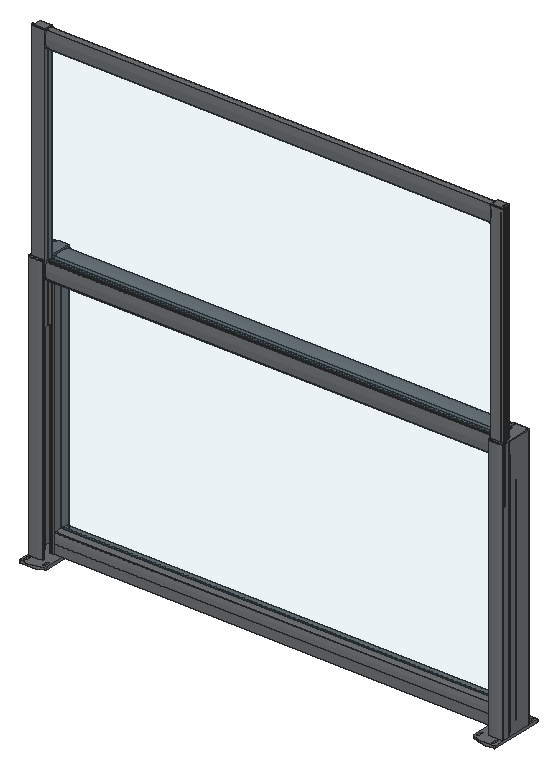
Revit family "Verano_V745_Luderitz_GM_R21", category Generic Models, Revit 2021
Family settings
  Can host rebar = No
  Round Connector Dimension = Use Diameter
  Part Type = Normal
  Work Plane-Based = No
  Always vertical = Yes
  Cut with Voids When Loaded = No
  Shared = No
  Room Calculation Point = No
Parameters (values of type "Glass Slide Out")
  Width Input (1000 - 3000mm) [instance] = 2000 mm
  Width [instance] = Owerall Width Constraint  # 2000 mm
  Warning - Width [instance] = if(or([Width Input (1000 - 3000mm)] < Minimal Width, [Width Input (1000 - 3000mm)] > Maximal Width), 1 = 1, 1 = 0)  # no
  Warning - Height [instance] = if(or([Height Input (1000 - 2500mm)] < Minimal Height, [Height Input (1000 - 2500mm)] > Maximal Height), 1 = 1, 1 = 0)  # no
  URL = "https://verano.nl/en/catalog/windscreens-fences"
  Sliding Frame Bottom [instance] = if(Opening Percentage Constraint = 0, 10 mm, (A - C) * Opening Percentage Constraint / 100 + 10 mm)  # 883 mm
  Opening Percentage Constraint [instance] = if(Opening Percentage < 0, 0, if(Opening Percentage > 100, 100, Opening Percentage))  # 100
  Opening Percentage [instance] = 100
  Top Profile_Fix_Length [instance] = Owerall Width Constraint - 2 * 61 mm  # 1878 mm
  Top Profile_Fix_Height [instance] = A - 61 mm + 10 mm  # 1076 mm
  Sliding Frame Height [instance] = D - A + C  # 1127 mm
  Minimal Height = 1500 mm  # constant formula
  Maximal Height = 2500 mm  # constant formula
  Owerall Width Constraint [instance] = if([Width Input (1000 - 3000mm)] < Minimal Width, Minimal Width, if([Width Input (1000 - 3000mm)] > Maximal Width, Maximal Width, [Width Input (1000 - 3000mm)]))  # 2000 mm
  Model = "V745 Luderitz"
  Minimal Width = 1000 mm  # constant formula
  Maximal Width = 3000 mm  # constant formula
  Manufacturer = "Verano Systems"
  Height Input (1000 - 2500mm) [instance] = 2000 mm
  Height [instance] = D  # 2000 mm
  Glass_Slide_Out = yes
  Glass_Slide_In = no
  Glass Material = Glass
  Frame Material = V_Antracite
  Foot_Straight_Right [instance] = yes
  Foot_Straight_Left [instance] = yes
  Foot_Corner_Right [instance] = not(Foot_Straight_Right)  # no
  Foot_Corner_Left [instance] = not(Foot_Straight_Left)  # no
  Fixed Glass Width [instance] = Owerall Width Constraint - 2 * 55 mm  # 1890 mm
  Fixed Glass Top Offset = 67 mm  # constant formula
  Fixed Glass Height [instance] = A - 65 mm  # 1062 mm
  Fixed Glass Bottom Offset = 77.5 mm  # constant formula
  Description = "Movable part elektrical operated"
  Default Elevation = 0 mm
  D min [instance] = 1500 mm  # constant formula
  D max [instance] = 2500 mm  # constant formula
  D [instance] = if([Height Input (1000 - 2500mm)] < D min, D min, if([Height Input (1000 - 2500mm)] > D max, D max, [Height Input (1000 - 2500mm)]))  # 2000 mm
  C [instance] = 254 mm  # constant formula
  Bottom Profile_Fix_Length [instance] = Owerall Width Constraint - 2 * 61 mm  # 1878 mm
  A min [instance] = D min / 2 - 127 mm  # 623 mm
  A max [instance] = D max / 2 - 127 mm  # 1123 mm
  A [instance] = if(D < D min, D min / 2 + 127 mm, if(D > D max, D max / 2 + 127 mm, D / 2 + 127 mm))  # 1127 mm
Reference planes
  plane 1 "Center (Front/Back)": y = 0
  plane 2: z = 0
  plane 3 "Center (Left/Right)": x = 0
  plane 4: x = -1000
  plane 5: x = 1000
  plane 6: x = -945
  plane 7: x = 945
  plane 8: y = -25.925
  plane 9: y = 25.925
  plane 10: y = -21.525
  plane 11: y = -30.325
  plane 12: z = 77.5
  plane 13: z = 2500
  plane 14: y = 40.47
  plane 15: y = -40.47
  plane 16: z = 10
Forms (mm)
  Extrusion 1, solid, material "Glass" <- "Glass Material", visible <- "Glass_Slide_In"
    sketch origin (0, 0, 0) x (1, 0, 0) y (0, 1, 0)
      loop
        line (-945, -21.525) -> (-945, -30.325) -> (945, -30.325) -> (945, -21.525) -> (-945, -21.525)
    from 77.5 to 1062 <- "Fixed Glass Height"
  Extrusion 2, solid, material "Glass" <- "Glass Material", visible <- "Glass_Slide_Out"
    sketch origin (0, 0, 0) x (1, 0, 0) y (0, 1, 0)
      loop
        line (-945, 21.525) -> (945, 21.525) -> (945, 30.325) -> (-945, 30.325) -> (-945, 21.525)
    from 77.5 to 1062 <- "Fixed Glass Height"
Dimensions and locks
  equal spacing: plane 4, plane 3 "Center (Left/Right)", plane 5
  "Owerall Width Constraint": plane 4 to plane 5
  equal spacing: plane 6, plane 3 "Center (Left/Right)", plane 7
  "Fixed Glass Width": plane 6 to plane 7
  locked: plane 8 to plane 1 "Center (Front/Back)" at 25.925
  locked: plane 1 "Center (Front/Back)" to plane 9 at 25.925
  Extrusion 1 to Extrusion 1 = 984.5 mm
  "Fixed Glass Bottom Offset": plane 12 to plane 2
  plane 13 to plane 2 = 2500 mm
  locked: plane 1 "Center (Front/Back)" to plane 14 at 40.47
  locked: plane 15 to plane 1 "Center (Front/Back)" at 40.47
  locked: plane 16 to plane 2 at 10
  nested 4 to level = 1076 mm
  nested 8 to plane 16 = 873 mm
  nested 1 to plane 16 = 1127 mm
  nested 8 to nested 8 = 1127 mm
  nested 8 to plane 16 = 2000 mm
  aligned and locked: level to plane 2
  aligned and locked: plane 1 "Center (Front/Back)" to nested 1
  aligned and locked: plane 4 to nested 1
  aligned and locked: plane 1 "Center (Front/Back)" to nested 2
  aligned and locked: plane 5 to nested 2
  aligned and locked: Extrusion 1 sketch curve to plane 6
  aligned and locked: Extrusion 1 sketch curve to plane 10
  aligned and locked: Extrusion 1 sketch curve to plane 11
  aligned and locked: Extrusion 1 sketch curve to plane 7
  aligned and locked: plane 3 "Center (Left/Right)" to nested 3
  aligned and locked: plane 8 to nested 3
  aligned and locked: plane 3 "Center (Left/Right)" to nested 5
  aligned and locked: plane 8 to nested 5
  aligned and locked: plane 3 "Center (Left/Right)" to nested 7
Automatic sketch dimensions
  Extrusion 2 sketch curve to plane 6 = 0 mm
  Extrusion 2 sketch curve to plane 7 = 0 mm
  Extrusion 2 sketch curve to plane 9 = 4.4 mm
  plane 9 to Extrusion 2 sketch curve = 4.4 mm
Nested families
  nested 1: "V-Pillar Left" at (-1000, 0, 0), type "V-Pillar Left"
    with Profile Length 1127 mm, Pillar Height 877 mm, Glass Slide Out yes, Glass Slide In no, Cap Height 1137 mm
  nested 2: "V-Pillar Right" at (1000, 0, 0), type "V-Pillar Right"
    with Profile Height 1125 mm, Pillar Height Constraint 1127 mm, Pillar Height 1127 mm, Glass Slide Out yes, Glass Slide In no, Cap Height 1127 mm
  nested 3: "V-Top Profile-Fix" at (0, -25.925, 1076), built-in parameter 1001360 <- "Top Profile_Fix_Height", visible <- "Glass_Slide_In", type "V-Top Profile-Fix"
  nested 4: "V-Top Profile-Fix" at (0, 25.925, 1076), built-in parameter 1001360 <- "Top Profile_Fix_Height", visible <- "Glass_Slide_Out", type "V-Top Profile-Fix"
  nested 5: "V-bottom Profile-Fix" at (0, -25.925, 0), visible <- "Glass_Slide_In", type "V-bottom Profile-Fix"
  nested 6: "V-bottom Profile-Fix" at (0, 25.925, 0), visible <- "Glass_Slide_Out", type "V-bottom Profile-Fix"
  nested 7: "V-Luderitz_Sliding Frame" at (0, 40.47, 883), visible <- "Glass_Slide_In", built-in parameter 1001360 <- "Sliding Frame Bottom", type "V-Luderitz_Sliding Frame"
    with Vertical Profile Height 1125 mm, Glass Height 1062 mm, Frame Height 1127 mm
  nested 8: "V-Luderitz_Sliding Frame" at (0, -40.47, 883), visible <- "Glass_Slide_Out", built-in parameter 1001360 <- "Sliding Frame Bottom", type "V-Luderitz_Sliding Frame"
    with Vertical Profile Height 1125 mm, Glass Height 1062 mm, Frame Height 1127 mm
Definition of nested family "V-Pillar Left"
  Parameters (values of type "V-Pillar Left")
    Straight Foot = yes
    Profile Length = 1000 mm
    Pillar Height = 1375 mm
    Glass Slide Out = no
    Glass Slide In = yes
    Frame Material = none
    Foot height = 10 mm  # constant formula
    Default Elevation = 0 mm
    Corner Foot = no
    Cap Height = Profile Length + Foot height  # 1010 mm
  Reference planes
    plane 1 "Center (Front/Back)": y = 0
    plane 2: z = 0
    plane 3 "Center (Left/Right)": x = 0
    plane 4 "1": z = 10
    plane 5 "2": z = 1010
  Forms (mm)
    Extrusion 1, solid, material <- "Frame Material", visible <- "Straight Foot"
      sketch origin (0, 0, 0) x (1, 0, 0) y (0, 1, 0)
        loop
          arc (97.085, 102.067) -> (51.564, 115.237) -> (4.182, 114.495) r 160
          arc (4.182, 114.495) -> (1.186, 112.796) -> (0, 109.563) r 5
          line (0, 109.563) -> (0, -109.264)
          arc (0, -109.264) -> (1.186, -112.497) -> (4.182, -114.196) r 5
          arc (4.182, -114.196) -> (51.564, -114.938) -> (97.085, -101.769) r 160
          arc (97.085, -101.769) -> (99.209, -99.924) -> (100, -97.224) r 5
          line (100, -97.224) -> (100, 97.523)
          arc (100, 97.523) -> (99.209, 100.222) -> (97.085, 102.067) r 5
        loop
          arc (81, -90.912) -> (87, -96.912) -> (93, -90.912) r 6
          line (93, -90.912) -> (93, -77.912)
          arc (93, -77.912) -> (87, -71.912) -> (81, -77.912) r 6
          line (81, -77.912) -> (81, -90.912)
        loop
          arc (19, -88.316) -> (13, -82.316) -> (7, -88.316) r 6
          line (7, -88.316) -> (7, -101.316)
          arc (7, -101.316) -> (13, -107.316) -> (19, -101.316) r 6
          line (19, -101.316) -> (19, -88.316)
        loop
          arc (93, 91.211) -> (87, 97.211) -> (81, 91.211) r 6
          line (81, 91.211) -> (81, 78.211)
          arc (81, 78.211) -> (87, 72.211) -> (93, 78.211) r 6
          line (93, 78.211) -> (93, 91.211)
        loop
          arc (19, 101.615) -> (13, 107.615) -> (7, 101.615) r 6
          line (7, 101.615) -> (7, 88.615)
          arc (7, 88.615) -> (13, 82.615) -> (19, 88.615) r 6
          line (19, 88.615) -> (19, 101.615)
      from 0 to 10 <- "Foot height"
    Extrusion 2, solid, material <- "Frame Material", visible <- "Glass Slide In"
      sketch origin (0, 0, 10) x (-1, 0, 0) y (0, -1, 0)
        loop
          arc (-60.246, -67.773) -> (-30.638, -71.65) -> (-1.031, -67.773) r 115
          arc (-1.031, -67.773) -> (-0.495, -67.416) -> (-0.288, -66.807) r 1
          line (-0.288, -66.807) -> (-0.288, -46.05) -> (-1.888, -46.05) -> (-1.888, -49.15) -> (-9.288, -49.15) -> (-9.288, -31.75) -> (-1.888, -31.75) -> (-1.888, -34.85) -> (-0.298, -34.85) -> (-0.298, 66.734)
          arc (-0.298, 66.734) -> (-0.504, 67.342) -> (-1.036, 67.699) r 1
          arc (-1.036, 67.699) -> (-30.652, 71.65) -> (-60.267, 67.698) r 112.969
          arc (-60.267, 67.698) -> (-60.799, 67.34) -> (-61.005, 66.733) r 1
          line (-61.005, 66.733) -> (-61.005, 31.9) -> (-59.405, 31.9) -> (-59.405, 35.001) -> (-52.005, 35.001) -> (-52.005, 17.6) -> (-59.405, 17.6) -> (-59.405, 20.701) -> (-61.005, 20.701) -> (-61.005, -13.348)
          arc (-61.005, -13.348) -> (-60.812, -13.938) -> (-60.309, -14.301) r 1
          line (-60.309, -14.301) -> (-49.005, -17.289) -> (-49.005, -15.756) -> (-50.505, -15.425) -> (-50.505, -14.261) -> (-51.505, -14.261) -> (-51.505, -15.261) -> (-52.805, -15.261) -> (-52.805, -9.761) -> (-51.505, -9.761) -> (-51.505, -10.761) -> (-50.505, -10.761) -> (-50.505, -8.461) -> (-53.993, -8.461) -> (-54.682, -9.126)
          arc (-54.682, -9.126) -> (-56.333, -12.811) -> (-57.889, -9.085) r 2.2
          line (-57.889, -9.085) -> (-59.005, -8.009) -> (-59.005, 15.601) -> (-50.005, 15.601) -> (-50.005, 37) -> (-59.005, 37) -> (-59.005, 60.61) -> (-57.668, 59.719)
          arc (-57.668, 59.719) -> (-56.598, 59.944) -> (-56.373, 61.014) r 1
          arc (-56.373, 61.014) -> (-57.86, 64.768) -> (-54.106, 63.281) r 2.2
          arc (-54.106, 63.281) -> (-53.035, 63.506) -> (-52.811, 64.576) r 1
          arc (-52.811, 64.576) -> (-53.83, 66.03) -> (-55.403, 66.853) r 3.75
          arc (-55.403, 66.853) -> (-33.362, 69.617) -> (-11.212, 67.934) r 110.904
          arc (-11.212, 67.934) -> (-10.516, 67.439) -> (-10.456, 66.586) r 1
          line (-10.456, 66.586) -> (-10.811, 65.673)
          arc (-10.811, 65.673) -> (-9.995, 65.083) -> (-8.99, 65.003) r 1.867
          arc (-8.99, 65.003) -> (-5.229, 66.562) -> (-6.795, 62.803) r 2.202
          line (-6.795, 62.803) -> (-6.795, 57.53) -> (-4.798, 57.53) -> (-4.798, 61.53) -> (-2.298, 61.53) -> (-2.298, -9.17) -> (-4.798, -9.17) -> (-4.798, -5.17) -> (-6.798, -5.17) -> (-6.798, -7.894) -> (-20.348, -7.894) -> (-20.348, -10.194) -> (-19.348, -10.194) -> (-19.348, -9.194) -> (-18.048, -9.194) -> (-18.048, -14.694) -> (-19.348, -14.694) -> (-19.348, -13.694) -> (-20.348, -13.694) -> (-20.348, -15.994) -> (-16.748, -15.994) -> (-16.748, -13.746)
          arc (-16.748, -13.746) -> (-16.22, -13.55) -> (-15.813, -13.159) r 1.387
          line (-15.813, -13.159) -> (-16.381, -12.354)
          arc (-16.381, -12.354) -> (-14.298, -9.386) -> (-12.216, -12.354) r 2.215
          line (-12.216, -12.354) -> (-12.783, -13.159) -> (-11.898, -14.044) -> (-11.898, -30.15) -> (-21.638, -30.15)
          arc (-21.638, -30.15) -> (-22.888, -31.4) -> (-21.638, -32.65) r 1.25
          line (-21.638, -32.65) -> (-11.788, -32.65) -> (-11.788, -48.25) -> (-21.638, -48.25)
          arc (-21.638, -48.25) -> (-22.888, -49.5) -> (-21.638, -50.75) r 1.25
          line (-21.638, -50.75) -> (-3.788, -50.75) -> (-3.788, -60.45) -> (-59.988, -60.45)
          arc (-59.988, -60.45) -> (-60.695, -60.742) -> (-60.988, -61.45) r 1
          line (-60.988, -61.45) -> (-60.988, -66.807)
          arc (-60.988, -66.807) -> (-60.781, -67.416) -> (-60.246, -67.773) r 1
      from 0 to 1000 <- "Profile Length"
    Extrusion 3, solid, material <- "Frame Material", visible <- "Glass Slide In"
      sketch origin (0, 0, 1010) x (-1, 0, 0) y (0, -1, 0)
        loop
          arc (-1.06, -68.336) -> (-0.231, -67.77) -> (0.055, -66.807) r 1.5
          line (0.055, -66.807) -> (0.055, 66.48)
          arc (0.055, 66.48) -> (-0.231, 67.442) -> (-1.06, 68.009) r 1.5
          arc (-1.06, 68.009) -> (-30.651, 71.822) -> (-60.231, 67.929) r 115.5
          arc (-60.231, 67.929) -> (-61.034, 67.393) -> (-61.345, 66.48) r 1.5
          line (-61.345, 66.48) -> (-61.345, -19.15)
          arc (-61.345, -19.15) -> (-60.905, -20.211) -> (-59.843, -20.65) r 1.5
          line (-59.843, -20.65) -> (-14.745, -20.65)
          arc (-14.745, -20.65) -> (-13.118, -21.323) -> (-12.445, -22.95) r 2.3
          line (-12.445, -22.95) -> (-12.445, -48.95)
          arc (-12.445, -48.95) -> (-12.152, -49.657) -> (-11.445, -49.95) r 1
          line (-11.445, -49.95) -> (-6.145, -49.95)
          arc (-6.145, -49.95) -> (-4.518, -50.623) -> (-3.845, -52.25) r 2.3
          line (-3.845, -52.25) -> (-3.845, -57.95)
          arc (-3.845, -57.95) -> (-4.518, -59.576) -> (-6.145, -60.25) r 2.3
          line (-6.145, -60.25) -> (-59.845, -60.25)
          arc (-59.845, -60.25) -> (-60.905, -60.688) -> (-61.345, -61.748) r 1.5
          line (-61.345, -61.748) -> (-61.345, -66.807)
          arc (-61.345, -66.807) -> (-61.034, -67.721) -> (-60.231, -68.256) r 1.5
          arc (-60.231, -68.256) -> (-30.651, -72.149) -> (-1.06, -68.336) r 115.5
      from 0 to 2
    Extrusion 4, solid, material <- "Frame Material", visible <- "Corner Foot"
      sketch origin (0, 0, 0) x (1, 0, 0) y (0, 1, 0)
        loop
          line (47.938, 115.68) -> (-118.931, -51.012)
          arc (-118.931, -51.012) -> (-64.88, -90.409) -> (-1.945, -113.057) r 235.973
          arc (-1.945, -113.057) -> (48.472, -115.321) -> (97.085, -101.769) r 160
          arc (97.085, -101.769) -> (99.209, -99.924) -> (100, -97.224) r 5
          line (100, -97.224) -> (100, 97.523)
          arc (100, 97.523) -> (99.209, 100.222) -> (97.085, 102.067) r 5
          arc (97.085, 102.067) -> (73.057, 110.844) -> (47.938, 115.68) r 160
        loop
          line (-77.989, -50.659) -> (-85.401, -61.424)
          arc (-85.401, -61.424) -> (-83.974, -69.698) -> (-75.694, -68.306) r 5.949
          line (-75.694, -68.306) -> (-68.106, -57.718)
          arc (-68.106, -57.718) -> (-69.577, -49.329) -> (-77.989, -50.659) r 6.073
        loop
          arc (93, -77.912) -> (87, -71.912) -> (81, -77.912) r 6
          line (81, -77.912) -> (81, -90.912)
          arc (81, -90.912) -> (87, -96.912) -> (93, -90.912) r 6
          line (93, -90.912) -> (93, -77.912)
        loop
          line (81, 91.211) -> (81, 78.211)
          arc (81, 78.211) -> (87, 72.211) -> (93, 78.211) r 6
          line (93, 78.211) -> (93, 91.211)
          arc (93, 91.211) -> (87, 97.211) -> (81, 91.211) r 6
      from 0 to 10 <- "Foot height"
    Extrusion 5, solid, material <- "Frame Material", visible <- "Glass Slide Out"
      sketch origin (0, 0, 10) x (-1, 0, 0) y (0, -1, 0)
        loop
          arc (-60.246, 67.773) -> (-60.781, 67.416) -> (-60.988, 66.807) r 1
          line (-60.988, 66.807) -> (-60.988, 61.45)
          arc (-60.988, 61.45) -> (-60.695, 60.742) -> (-59.988, 60.45) r 1
          line (-59.988, 60.45) -> (-3.788, 60.45) -> (-3.788, 50.75) -> (-21.638, 50.75)
          arc (-21.638, 50.75) -> (-22.888, 49.5) -> (-21.638, 48.25) r 1.25
          line (-21.638, 48.25) -> (-11.788, 48.25) -> (-11.788, 32.65) -> (-21.638, 32.65)
          arc (-21.638, 32.65) -> (-22.888, 31.4) -> (-21.638, 30.15) r 1.25
          line (-21.638, 30.15) -> (-11.898, 30.15) -> (-11.898, 14.044) -> (-12.783, 13.159) -> (-12.216, 12.354)
          arc (-12.216, 12.354) -> (-14.298, 9.386) -> (-16.381, 12.354) r 2.215
          line (-16.381, 12.354) -> (-15.813, 13.159)
          arc (-15.813, 13.159) -> (-16.22, 13.55) -> (-16.748, 13.746) r 1.387
          line (-16.748, 13.746) -> (-16.748, 15.994) -> (-20.348, 15.994) -> (-20.348, 13.694) -> (-19.348, 13.694) -> (-19.348, 14.694) -> (-18.048, 14.694) -> (-18.048, 9.194) -> (-19.348, 9.194) -> (-19.348, 10.194) -> (-20.348, 10.194) -> (-20.348, 7.894) -> (-6.798, 7.894) -> (-6.798, 5.17) -> (-4.798, 5.17) -> (-4.798, 9.17) -> (-2.298, 9.17) -> (-2.298, -61.53) -> (-4.798, -61.53) -> (-4.798, -57.53) -> (-6.795, -57.53) -> (-6.795, -62.803)
          arc (-6.795, -62.803) -> (-5.229, -66.562) -> (-8.99, -65.003) r 2.202
          arc (-8.99, -65.003) -> (-9.995, -65.083) -> (-10.811, -65.673) r 1.867
          line (-10.811, -65.673) -> (-10.456, -66.586)
          arc (-10.456, -66.586) -> (-10.516, -67.439) -> (-11.212, -67.934) r 1
          arc (-11.212, -67.934) -> (-33.362, -69.617) -> (-55.403, -66.853) r 110.904
          arc (-55.403, -66.853) -> (-53.83, -66.03) -> (-52.811, -64.576) r 3.75
          arc (-52.811, -64.576) -> (-53.035, -63.506) -> (-54.106, -63.281) r 1
          arc (-54.106, -63.281) -> (-57.86, -64.768) -> (-56.373, -61.014) r 2.2
          arc (-56.373, -61.014) -> (-56.598, -59.944) -> (-57.668, -59.719) r 1
          line (-57.668, -59.719) -> (-59.005, -60.61) -> (-59.005, -37) -> (-50.005, -37) -> (-50.005, -15.601) -> (-59.005, -15.601) -> (-59.005, 8.009) -> (-57.889, 9.085)
          arc (-57.889, 9.085) -> (-56.333, 12.811) -> (-54.682, 9.126) r 2.2
          line (-54.682, 9.126) -> (-53.993, 8.461) -> (-50.505, 8.461) -> (-50.505, 10.761) -> (-51.505, 10.761) -> (-51.505, 9.761) -> (-52.805, 9.761) -> (-52.805, 15.261) -> (-51.505, 15.261) -> (-51.505, 14.261) -> (-50.505, 14.261) -> (-50.505, 15.425) -> (-49.005, 15.756) -> (-49.005, 17.289) -> (-60.309, 14.301)
          arc (-60.309, 14.301) -> (-60.812, 13.938) -> (-61.005, 13.348) r 1
          line (-61.005, 13.348) -> (-61.005, -20.701) -> (-59.405, -20.701) -> (-59.405, -17.6) -> (-52.005, -17.6) -> (-52.005, -35.001) -> (-59.405, -35.001) -> (-59.405, -31.9) -> (-61.005, -31.9) -> (-61.005, -66.733)
          arc (-61.005, -66.733) -> (-60.799, -67.34) -> (-60.267, -67.698) r 1
          arc (-60.267, -67.698) -> (-30.652, -71.65) -> (-1.036, -67.699) r 112.969
          arc (-1.036, -67.699) -> (-0.504, -67.342) -> (-0.298, -66.734) r 1
          line (-0.298, -66.734) -> (-0.298, 34.85) -> (-1.888, 34.85) -> (-1.888, 31.75) -> (-9.288, 31.75) -> (-9.288, 49.15) -> (-1.888, 49.15) -> (-1.888, 46.05) -> (-0.288, 46.05) -> (-0.288, 66.807)
          arc (-0.288, 66.807) -> (-0.495, 67.416) -> (-1.031, 67.773) r 1
          arc (-1.031, 67.773) -> (-30.638, 71.65) -> (-60.246, 67.773) r 115
      from 0 to 1000 <- "Profile Length"
    Extrusion 6, solid, material <- "Frame Material", visible <- "Glass Slide Out"
      sketch origin (0, 0, 1010) x (-1, 0, 0) y (0, -1, 0)
        loop
          arc (-1.06, 68.336) -> (-30.651, 72.149) -> (-60.231, 68.256) r 115.5
          arc (-60.231, 68.256) -> (-61.034, 67.721) -> (-61.345, 66.807) r 1.5
          line (-61.345, 66.807) -> (-61.345, 61.748)
          arc (-61.345, 61.748) -> (-60.905, 60.688) -> (-59.845, 60.25) r 1.5
          line (-59.845, 60.25) -> (-6.145, 60.25)
          arc (-6.145, 60.25) -> (-4.518, 59.576) -> (-3.845, 57.95) r 2.3
          line (-3.845, 57.95) -> (-3.845, 52.25)
          arc (-3.845, 52.25) -> (-4.518, 50.623) -> (-6.145, 49.95) r 2.3
          line (-6.145, 49.95) -> (-11.445, 49.95)
          arc (-11.445, 49.95) -> (-12.152, 49.657) -> (-12.445, 48.95) r 1
          line (-12.445, 48.95) -> (-12.445, 22.95)
          arc (-12.445, 22.95) -> (-13.118, 21.323) -> (-14.745, 20.65) r 2.3
          line (-14.745, 20.65) -> (-59.843, 20.65)
          arc (-59.843, 20.65) -> (-60.905, 20.211) -> (-61.345, 19.15) r 1.5
          line (-61.345, 19.15) -> (-61.345, -66.48)
          arc (-61.345, -66.48) -> (-61.034, -67.393) -> (-60.231, -67.929) r 1.5
          arc (-60.231, -67.929) -> (-30.651, -71.822) -> (-1.06, -68.009) r 115.5
          arc (-1.06, -68.009) -> (-0.231, -67.442) -> (0.055, -66.48) r 1.5
          line (0.055, -66.48) -> (0.055, 66.807)
          arc (0.055, 66.807) -> (-0.231, 67.77) -> (-1.06, 68.336) r 1.5
      from 0 to 2
  Dimensions and locks
    locked: plane 4 "1" to level at 10
    plane 5 "2" to plane 4 "1" = 1000 mm
    "Cap Height": plane 5 "2" to level
    aligned and locked: level to plane 2
  Automatic sketch dimensions
    Extrusion 1 sketch curve to plane 3 "Center (Left/Right)" = 0 mm
    Extrusion 1 sketch curve to Extrusion 1 sketch curve = 5 mm  (x3)
    plane 3 "Center (Left/Right)" to Extrusion 1 sketch curve = 7 mm  (x2)
    Extrusion 1 sketch curve to Extrusion 1 sketch curve = 6 mm  (x4)
    plane 3 "Center (Left/Right)" to Extrusion 1 sketch curve = 30.35 mm  (x2)
    Extrusion 1 sketch curve to Extrusion 1 sketch curve = 50.65 mm
    Extrusion 1 sketch curve to Extrusion 1 sketch curve = 62 mm
    Extrusion 1 sketch curve to Extrusion 1 sketch curve = 2 mm  (x2)
    plane 1 "Center (Front/Back)" to Extrusion 1 sketch curve = 109.264 mm
    Extrusion 1 sketch curve to Extrusion 1 sketch curve = 7.948 mm  (x2)
    Extrusion 1 sketch curve to Extrusion 1 sketch curve = 4.092 mm
    Extrusion 1 sketch curve to Extrusion 1 sketch curve = 6.312 mm  (x2)
    Extrusion 1 sketch curve to Extrusion 1 sketch curve = 13 mm  (x4)
    plane 1 "Center (Front/Back)" to Extrusion 1 sketch curve = 43.35 mm
    Extrusion 1 sketch curve to plane 1 "Center (Front/Back)" = 43.649 mm
    Extrusion 1 sketch curve to Extrusion 1 sketch curve = 34.562 mm
    Extrusion 1 sketch curve to Extrusion 1 sketch curve = 44.966 mm
    Extrusion 1 sketch curve to Extrusion 1 sketch curve = 0 mm  (x2)
    plane 3 "Center (Left/Right)" to Extrusion 2 sketch curve = 61.005 mm
    Extrusion 2 sketch curve to Extrusion 2 sketch curve = 0 mm  (x7)
    Extrusion 2 sketch curve to Extrusion 2 sketch curve = 0.016 mm
    Extrusion 2 sketch curve to plane 1 "Center (Front/Back)" = 14.301 mm
    Extrusion 2 sketch curve to Extrusion 2 sketch curve = 0.696 mm
    Extrusion 2 sketch curve to Extrusion 2 sketch curve = 1 mm  (x15)
    Extrusion 2 sketch curve to Extrusion 2 sketch curve = 1.6 mm  (x2)
    Extrusion 2 sketch curve to Extrusion 2 sketch curve = 0.4 mm
    Extrusion 2 sketch curve to plane 1 "Center (Front/Back)" = 9.085 mm
    Extrusion 2 sketch curve to Extrusion 2 sketch curve = 1.116 mm
    Extrusion 2 sketch curve to Extrusion 2 sketch curve = 1.336 mm
    Extrusion 2 sketch curve to Extrusion 2 sketch curve = 0.364 mm
    Extrusion 2 sketch curve to Extrusion 2 sketch curve = 1.584 mm
    Extrusion 2 sketch curve to plane 1 "Center (Front/Back)" = 9.126 mm
    Extrusion 2 sketch curve to Extrusion 2 sketch curve = 1.622 mm
    Extrusion 2 sketch curve to Extrusion 2 sketch curve = 0.69 mm
    Extrusion 2 sketch curve to Extrusion 2 sketch curve = 2.562 mm  (x2)
    Extrusion 2 sketch curve to Extrusion 2 sketch curve = 1.188 mm
    Extrusion 2 sketch curve to Extrusion 2 sketch curve = 7 mm
    Extrusion 2 sketch curve to Extrusion 2 sketch curve = 1.3 mm  (x7)
    Extrusion 2 sketch curve to Extrusion 2 sketch curve = 2 mm  (x4)
    Extrusion 2 sketch curve to Extrusion 2 sketch curve = 1.5 mm
    Extrusion 2 sketch curve to Extrusion 2 sketch curve = 18.354 mm
    Extrusion 2 sketch curve to Extrusion 2 sketch curve = 0.002 mm
    Extrusion 2 sketch curve to Extrusion 2 sketch curve = 19.366 mm
    Extrusion 2 sketch curve to Extrusion 2 sketch curve = 9.01 mm
    Extrusion 2 sketch curve to Extrusion 2 sketch curve = 9.012 mm
    Extrusion 2 sketch curve to Extrusion 2 sketch curve = 1.29 mm
    Extrusion 2 sketch curve to Extrusion 2 sketch curve = 1.091 mm
    Extrusion 2 sketch curve to Extrusion 2 sketch curve = 0.576 mm  (x2)
    Extrusion 2 sketch curve to Extrusion 2 sketch curve = 0.568 mm  (x2)
    Extrusion 2 sketch curve to Extrusion 2 sketch curve = 1.515 mm  (x2)
    Extrusion 2 sketch curve to Extrusion 2 sketch curve = 0.885 mm  (x2)
    Extrusion 2 sketch curve to Extrusion 2 sketch curve = 0.11 mm
    plane 3 "Center (Left/Right)" to Extrusion 2 sketch curve = 11.388 mm
    Extrusion 2 sketch curve to Extrusion 2 sketch curve = 0.356 mm
    Extrusion 2 sketch curve to Extrusion 2 sketch curve = 1.105 mm
    Extrusion 2 sketch curve to Extrusion 2 sketch curve = 2.5 mm
    plane 3 "Center (Left/Right)" to Extrusion 2 sketch curve = 6.798 mm
    plane 3 "Center (Left/Right)" to Extrusion 2 sketch curve = 6.795 mm
    Extrusion 2 sketch curve to Extrusion 2 sketch curve = 0.007 mm
    Extrusion 2 sketch curve to Extrusion 2 sketch curve = 1.997 mm
    plane 3 "Center (Left/Right)" to Extrusion 2 sketch curve = 3.788 mm
    plane 3 "Center (Left/Right)" to Extrusion 2 sketch curve = 2.298 mm
    plane 3 "Center (Left/Right)" to Extrusion 2 sketch curve = 1.888 mm  (x2)
    plane 3 "Center (Left/Right)" to Extrusion 2 sketch curve = 1.298 mm
    plane 3 "Center (Left/Right)" to Extrusion 2 sketch curve = 1.288 mm
    plane 3 "Center (Left/Right)" to Extrusion 2 sketch curve = 0.298 mm
    plane 3 "Center (Left/Right)" to Extrusion 2 sketch curve = 0.288 mm
    Extrusion 2 sketch curve to plane 1 "Center (Front/Back)" = 14.694 mm
    Extrusion 2 sketch curve to Extrusion 2 sketch curve = 4.65 mm
    Extrusion 2 sketch curve to Extrusion 2 sketch curve = 0.164 mm
    Extrusion 2 sketch curve to Extrusion 2 sketch curve = 0.331 mm
    Extrusion 2 sketch curve to Extrusion 2 sketch curve = 1.533 mm
    Extrusion 2 sketch curve to Extrusion 2 sketch curve = 14.155 mm
    Extrusion 2 sketch curve to Extrusion 2 sketch curve = 1.25 mm  (x2)
    Extrusion 2 sketch curve to Extrusion 2 sketch curve = 0.9 mm
    Extrusion 2 sketch curve to Extrusion 2 sketch curve = 3.1 mm  (x4)
    Extrusion 2 sketch curve to Extrusion 2 sketch curve = 8.604 mm
    Extrusion 2 sketch curve to Extrusion 2 sketch curve = 0.066 mm
    Extrusion 2 sketch curve to Extrusion 2 sketch curve = 11.2 mm  (x2)
    Extrusion 2 sketch curve to Extrusion 2 sketch curve = 2.2 mm
    Extrusion 2 sketch curve to Extrusion 2 sketch curve = 9.7 mm
    Extrusion 2 sketch curve to Extrusion 2 sketch curve = 6.357 mm
    Extrusion 2 sketch curve to Extrusion 2 sketch curve = 5.357 mm
    Extrusion 2 sketch curve to Extrusion 2 sketch curve = 1.95 mm
    Extrusion 2 sketch curve to Extrusion 2 sketch curve = 0.948 mm
    Extrusion 2 sketch curve to Extrusion 2 sketch curve = 0.587 mm
    Extrusion 2 sketch curve to Extrusion 2 sketch curve = 0.805 mm
    Extrusion 2 sketch curve to Extrusion 2 sketch curve = 1.559 mm
    Extrusion 2 sketch curve to Extrusion 2 sketch curve = 3.5 mm
    Extrusion 2 sketch curve to Extrusion 2 sketch curve = 2.181 mm
    Extrusion 2 sketch curve to Extrusion 2 sketch curve = 3.184 mm
    Extrusion 2 sketch curve to Extrusion 2 sketch curve = 1.076 mm
    Extrusion 2 sketch curve to Extrusion 2 sketch curve = 2.724 mm
    plane 1 "Center (Front/Back)" to Extrusion 2 sketch curve = 15.601 mm
    Extrusion 2 sketch curve to Extrusion 2 sketch curve = 6.35 mm
    Extrusion 2 sketch curve to Extrusion 2 sketch curve = 14.179 mm
    Extrusion 2 sketch curve to Extrusion 2 sketch curve = 22.719 mm
    Extrusion 2 sketch curve to Extrusion 2 sketch curve = 0.891 mm
    Extrusion 2 sketch curve to Extrusion 2 sketch curve = 0.932 mm  (x2)
    Extrusion 2 sketch curve to Extrusion 2 sketch curve = 4 mm
    Extrusion 2 sketch curve to Extrusion 2 sketch curve = 1.274 mm
    Extrusion 2 sketch curve to Extrusion 2 sketch curve = 2.202 mm
    Extrusion 2 sketch curve to Extrusion 2 sketch curve = 0.667 mm
    Extrusion 2 sketch curve to Extrusion 2 sketch curve = 0.913 mm
    Extrusion 2 sketch curve to Extrusion 2 sketch curve = 3.52 mm
    Extrusion 2 sketch curve to Extrusion 2 sketch curve = 5.205 mm
    Extrusion 2 sketch curve to Extrusion 2 sketch curve = 0.249 mm
    Extrusion 2 sketch curve to Extrusion 2 sketch curve = 0.363 mm  (x2)
    Extrusion 2 sketch curve to Extrusion 2 sketch curve = 1.661 mm
    plane 1 "Center (Front/Back)" to Extrusion 4 sketch curve = 51.012 mm
    Extrusion 4 sketch curve to plane 3 "Center (Left/Right)" = 118.931 mm
    Extrusion 4 sketch curve to Extrusion 4 sketch curve = 33.53 mm
    Extrusion 4 sketch curve to Extrusion 4 sketch curve = 4.867 mm
    Extrusion 4 sketch curve to Extrusion 4 sketch curve = 7.411 mm
    Extrusion 4 sketch curve to Extrusion 4 sketch curve = 4.839 mm
    Extrusion 4 sketch curve to Extrusion 4 sketch curve = 4.882 mm
    Extrusion 4 sketch curve to Extrusion 4 sketch curve = 5.001 mm
    plane 3 "Center (Left/Right)" to Extrusion 4 sketch curve = 30.35 mm  (x2)
    plane 3 "Center (Left/Right)" to Extrusion 4 sketch curve = 45.685 mm
    Extrusion 4 sketch curve to Extrusion 4 sketch curve = 2.253 mm
    Extrusion 4 sketch curve to Extrusion 4 sketch curve = 50.65 mm
    Extrusion 4 sketch curve to Extrusion 4 sketch curve = 33.062 mm
    Extrusion 4 sketch curve to Extrusion 4 sketch curve = 6 mm  (x2)
    Extrusion 4 sketch curve to Extrusion 4 sketch curve = 2 mm  (x2)
    Extrusion 4 sketch curve to Extrusion 4 sketch curve = 5 mm
    Extrusion 4 sketch curve to Extrusion 4 sketch curve = 3.259 mm
    Extrusion 4 sketch curve to Extrusion 4 sketch curve = 3.447 mm
    Extrusion 4 sketch curve to Extrusion 4 sketch curve = 10.765 mm
    Extrusion 4 sketch curve to Extrusion 4 sketch curve = 3.421 mm
    plane 1 "Center (Front/Back)" to Extrusion 4 sketch curve = 77.912 mm
    Extrusion 4 sketch curve to Extrusion 4 sketch curve = 13 mm  (x2)
    Extrusion 4 sketch curve to Extrusion 4 sketch curve = 6.312 mm  (x2)
    plane 1 "Center (Front/Back)" to Extrusion 4 sketch curve = 43.35 mm
    Extrusion 4 sketch curve to plane 1 "Center (Front/Back)" = 43.649 mm
    Extrusion 4 sketch curve to Extrusion 4 sketch curve = 34.562 mm
    Extrusion 4 sketch curve to Extrusion 4 sketch curve = 24.469 mm
    Extrusion 4 sketch curve to Extrusion 4 sketch curve = 2.378 mm
    Extrusion 4 sketch curve to Extrusion 4 sketch curve = 0 mm
    plane 3 "Center (Left/Right)" to Extrusion 5 sketch curve = 61.005 mm
    Extrusion 5 sketch curve to Extrusion 5 sketch curve = 0 mm  (x7)
    Extrusion 5 sketch curve to Extrusion 5 sketch curve = 0.016 mm
    plane 1 "Center (Front/Back)" to Extrusion 5 sketch curve = 14.301 mm
    Extrusion 5 sketch curve to Extrusion 5 sketch curve = 0.696 mm
    Extrusion 5 sketch curve to Extrusion 5 sketch curve = 1 mm  (x15)
    Extrusion 5 sketch curve to Extrusion 5 sketch curve = 1.6 mm  (x2)
    Extrusion 5 sketch curve to Extrusion 5 sketch curve = 0.4 mm
    plane 1 "Center (Front/Back)" to Extrusion 5 sketch curve = 9.085 mm
    Extrusion 5 sketch curve to Extrusion 5 sketch curve = 1.116 mm
    Extrusion 5 sketch curve to Extrusion 5 sketch curve = 1.336 mm
    Extrusion 5 sketch curve to Extrusion 5 sketch curve = 0.364 mm
    Extrusion 5 sketch curve to Extrusion 5 sketch curve = 1.584 mm
    plane 1 "Center (Front/Back)" to Extrusion 5 sketch curve = 9.126 mm
    Extrusion 5 sketch curve to Extrusion 5 sketch curve = 1.622 mm
    Extrusion 5 sketch curve to Extrusion 5 sketch curve = 0.69 mm
    Extrusion 5 sketch curve to Extrusion 5 sketch curve = 2.562 mm  (x2)
    Extrusion 5 sketch curve to Extrusion 5 sketch curve = 1.188 mm
    Extrusion 5 sketch curve to Extrusion 5 sketch curve = 7 mm
    Extrusion 5 sketch curve to Extrusion 5 sketch curve = 1.3 mm  (x7)
    Extrusion 5 sketch curve to Extrusion 5 sketch curve = 2 mm  (x4)
    Extrusion 5 sketch curve to Extrusion 5 sketch curve = 1.5 mm
    Extrusion 5 sketch curve to Extrusion 5 sketch curve = 18.354 mm
    Extrusion 5 sketch curve to Extrusion 5 sketch curve = 0.002 mm
    Extrusion 5 sketch curve to Extrusion 5 sketch curve = 19.366 mm
    Extrusion 5 sketch curve to Extrusion 5 sketch curve = 9.01 mm
    Extrusion 5 sketch curve to Extrusion 5 sketch curve = 9.012 mm
    Extrusion 5 sketch curve to Extrusion 5 sketch curve = 1.29 mm
    Extrusion 5 sketch curve to Extrusion 5 sketch curve = 1.091 mm
    Extrusion 5 sketch curve to Extrusion 5 sketch curve = 0.576 mm  (x2)
    Extrusion 5 sketch curve to Extrusion 5 sketch curve = 0.568 mm  (x2)
    Extrusion 5 sketch curve to Extrusion 5 sketch curve = 1.515 mm  (x2)
    Extrusion 5 sketch curve to Extrusion 5 sketch curve = 0.885 mm  (x2)
    Extrusion 5 sketch curve to Extrusion 5 sketch curve = 0.11 mm
    plane 3 "Center (Left/Right)" to Extrusion 5 sketch curve = 11.388 mm
    Extrusion 5 sketch curve to Extrusion 5 sketch curve = 0.356 mm
    Extrusion 5 sketch curve to Extrusion 5 sketch curve = 1.105 mm
    Extrusion 5 sketch curve to Extrusion 5 sketch curve = 2.5 mm
    plane 3 "Center (Left/Right)" to Extrusion 5 sketch curve = 6.798 mm
    plane 3 "Center (Left/Right)" to Extrusion 5 sketch curve = 6.795 mm
    Extrusion 5 sketch curve to Extrusion 5 sketch curve = 0.007 mm
    Extrusion 5 sketch curve to Extrusion 5 sketch curve = 1.997 mm
    plane 3 "Center (Left/Right)" to Extrusion 5 sketch curve = 3.788 mm
    plane 3 "Center (Left/Right)" to Extrusion 5 sketch curve = 2.298 mm
    plane 3 "Center (Left/Right)" to Extrusion 5 sketch curve = 1.888 mm  (x2)
    plane 3 "Center (Left/Right)" to Extrusion 5 sketch curve = 1.298 mm
    plane 3 "Center (Left/Right)" to Extrusion 5 sketch curve = 1.288 mm
    plane 3 "Center (Left/Right)" to Extrusion 5 sketch curve = 0.298 mm
    plane 3 "Center (Left/Right)" to Extrusion 5 sketch curve = 0.288 mm
    Extrusion 5 sketch curve to Extrusion 5 sketch curve = 0.665 mm
    Extrusion 5 sketch curve to Extrusion 5 sketch curve = 1.076 mm
    plane 1 "Center (Front/Back)" to Extrusion 5 sketch curve = 7.894 mm
    Extrusion 5 sketch curve to Extrusion 5 sketch curve = 2.724 mm
    Extrusion 5 sketch curve to plane 1 "Center (Front/Back)" = 15.601 mm
    Extrusion 5 sketch curve to Extrusion 5 sketch curve = 3.1 mm  (x3)
    Extrusion 5 sketch curve to Extrusion 5 sketch curve = 11.2 mm  (x2)
    Extrusion 5 sketch curve to Extrusion 5 sketch curve = 6.35 mm
    Extrusion 5 sketch curve to Extrusion 5 sketch curve = 14.179 mm
    Extrusion 5 sketch curve to Extrusion 5 sketch curve = 22.719 mm
    Extrusion 5 sketch curve to Extrusion 5 sketch curve = 0.891 mm
    Extrusion 5 sketch curve to Extrusion 5 sketch curve = 0.932 mm  (x2)
    Extrusion 5 sketch curve to Extrusion 5 sketch curve = 4 mm
    Extrusion 5 sketch curve to Extrusion 5 sketch curve = 1.274 mm
    Extrusion 5 sketch curve to Extrusion 5 sketch curve = 2.202 mm
    Extrusion 5 sketch curve to Extrusion 5 sketch curve = 0.667 mm
    Extrusion 5 sketch curve to Extrusion 5 sketch curve = 0.913 mm
    Extrusion 5 sketch curve to Extrusion 5 sketch curve = 3.52 mm
    Extrusion 5 sketch curve to Extrusion 5 sketch curve = 5.205 mm
    Extrusion 5 sketch curve to Extrusion 5 sketch curve = 0.249 mm
    Extrusion 5 sketch curve to Extrusion 5 sketch curve = 0.363 mm  (x2)
    Extrusion 5 sketch curve to Extrusion 5 sketch curve = 1.276 mm
    Extrusion 5 sketch curve to Extrusion 5 sketch curve = 2.406 mm
    Extrusion 5 sketch curve to Extrusion 5 sketch curve = 0.753 mm
    Extrusion 5 sketch curve to Extrusion 5 sketch curve = 0.021 mm
    Extrusion 5 sketch curve to Extrusion 5 sketch curve = 0.805 mm  (x2)
    Extrusion 5 sketch curve to Extrusion 5 sketch curve = 3.5 mm  (x2)
    Extrusion 5 sketch curve to Extrusion 5 sketch curve = 0.164 mm
    Extrusion 5 sketch curve to Extrusion 5 sketch curve = 0.331 mm
    Extrusion 5 sketch curve to Extrusion 5 sketch curve = 1.533 mm
    Extrusion 5 sketch curve to Extrusion 5 sketch curve = 14.155 mm
    Extrusion 5 sketch curve to Extrusion 5 sketch curve = 1.25 mm  (x2)
    Extrusion 5 sketch curve to Extrusion 5 sketch curve = 0.9 mm  (x2)
    Extrusion 5 sketch curve to Extrusion 5 sketch curve = 8.604 mm
    Extrusion 5 sketch curve to Extrusion 5 sketch curve = 0.066 mm
    Extrusion 5 sketch curve to Extrusion 5 sketch curve = 6.93 mm
    Extrusion 5 sketch curve to Extrusion 5 sketch curve = 9.7 mm
    Extrusion 5 sketch curve to Extrusion 5 sketch curve = 5.357 mm
    Extrusion 5 sketch curve to Extrusion 5 sketch curve = 6.357 mm
    Extrusion 5 sketch curve to Extrusion 5 sketch curve = 1.661 mm
    Extrusion 3 sketch curve to plane 1 "Center (Front/Back)" = 19.15 mm
    plane 3 "Center (Left/Right)" to Extrusion 3 sketch curve = 61.345 mm
    Extrusion 3 sketch curve to Extrusion 3 sketch curve = 0 mm  (x8)
    Extrusion 3 sketch curve to Extrusion 3 sketch curve = 1.5 mm  (x4)
    Extrusion 3 sketch curve to Extrusion 3 sketch curve = 0.001 mm
    plane 3 "Center (Left/Right)" to Extrusion 3 sketch curve = 30.495 mm  (x2)
    plane 3 "Center (Left/Right)" to Extrusion 3 sketch curve = 14.745 mm
    plane 3 "Center (Left/Right)" to Extrusion 3 sketch curve = 12.445 mm
    Extrusion 3 sketch curve to Extrusion 3 sketch curve = 1 mm
    Extrusion 3 sketch curve to Extrusion 3 sketch curve = 5.3 mm
    plane 3 "Center (Left/Right)" to Extrusion 3 sketch curve = 6.145 mm
    Extrusion 3 sketch curve to Extrusion 3 sketch curve = 2.3 mm  (x2)
    plane 3 "Center (Left/Right)" to Extrusion 3 sketch curve = 1.442 mm  (x2)
    Extrusion 3 sketch curve to plane 3 "Center (Left/Right)" = 0.055 mm
    Extrusion 3 sketch curve to Extrusion 3 sketch curve = 20.728 mm
    Extrusion 3 sketch curve to Extrusion 3 sketch curve = 5.272 mm
    Extrusion 3 sketch curve to Extrusion 3 sketch curve = 5.7 mm
    Extrusion 3 sketch curve to Extrusion 3 sketch curve = 1.499 mm
    Extrusion 3 sketch curve to Extrusion 3 sketch curve = 6.557 mm
    Extrusion 3 sketch curve to Extrusion 3 sketch curve = 5.057 mm
    Extrusion 3 sketch curve to Extrusion 3 sketch curve = 0.079 mm  (x2)
    plane 1 "Center (Front/Back)" to Extrusion 3 sketch curve = 43.35 mm
    Extrusion 3 sketch curve to Extrusion 3 sketch curve = 23.129 mm  (x2)
    plane 1 "Center (Front/Back)" to Extrusion 6 sketch curve = 19.15 mm
    plane 3 "Center (Left/Right)" to Extrusion 6 sketch curve = 61.345 mm
    Extrusion 6 sketch curve to Extrusion 6 sketch curve = 0 mm  (x8)
    Extrusion 6 sketch curve to Extrusion 6 sketch curve = 1.5 mm  (x4)
    Extrusion 6 sketch curve to Extrusion 6 sketch curve = 0.001 mm
    plane 3 "Center (Left/Right)" to Extrusion 6 sketch curve = 30.495 mm  (x2)
    plane 3 "Center (Left/Right)" to Extrusion 6 sketch curve = 14.745 mm
    plane 3 "Center (Left/Right)" to Extrusion 6 sketch curve = 12.445 mm
    Extrusion 6 sketch curve to Extrusion 6 sketch curve = 1 mm
    Extrusion 6 sketch curve to Extrusion 6 sketch curve = 5.3 mm
    plane 3 "Center (Left/Right)" to Extrusion 6 sketch curve = 6.145 mm
    Extrusion 6 sketch curve to Extrusion 6 sketch curve = 2.3 mm  (x2)
    plane 3 "Center (Left/Right)" to Extrusion 6 sketch curve = 1.442 mm  (x2)
    Extrusion 6 sketch curve to plane 3 "Center (Left/Right)" = 0.055 mm
    Extrusion 6 sketch curve to plane 1 "Center (Front/Back)" = 43.35 mm
    Extrusion 6 sketch curve to Extrusion 6 sketch curve = 23.129 mm  (x2)
    Extrusion 6 sketch curve to Extrusion 6 sketch curve = 0.079 mm  (x2)
    Extrusion 6 sketch curve to Extrusion 6 sketch curve = 20.728 mm
    Extrusion 6 sketch curve to Extrusion 6 sketch curve = 5.272 mm
    Extrusion 6 sketch curve to Extrusion 6 sketch curve = 5.7 mm
    Extrusion 6 sketch curve to Extrusion 6 sketch curve = 1.499 mm
    Extrusion 6 sketch curve to Extrusion 6 sketch curve = 6.557 mm
    Extrusion 6 sketch curve to Extrusion 6 sketch curve = 5.057 mm
Definition of nested family "V-Pillar Right"
  Parameters (values of type "V-Pillar Right")
    Straight Foot = yes
    Profile Height = Pillar Height Constraint - 2 mm  # 1373 mm
    Pillar Height Constraint = if(Pillar Height < 500 mm, 500 mm, if(Pillar Height > 1375 mm, 1375 mm, Pillar Height))  # 1375 mm
    Pillar Height = 1375 mm
    Glass Slide Out = no
    Glass Slide In = yes
    Frame Material = none
    Foot height = 10 mm  # constant formula
    Default Elevation = 0 mm
    Corner Foot = no
    Cap Height = Profile Height + 2 mm  # 1375 mm
  Reference planes
    plane 1 "Center (Front/Back)": y = 0
    plane 2: z = 0
    plane 3 "Center (Left/Right)": x = 0
  Forms (mm)
    Extrusion 1, solid, material <- "Frame Material", visible <- "Straight Foot"
      sketch origin (0, 0, 0) x (-1, 0, 0) y (0, -1, 0)
        loop
          arc (97.085, -102.067) -> (99.209, -100.222) -> (100, -97.523) r 5
          line (100, -97.523) -> (100, 97.224)
          arc (100, 97.224) -> (99.209, 99.924) -> (97.085, 101.769) r 5
          arc (97.085, 101.769) -> (51.564, 114.938) -> (4.182, 114.196) r 160
          arc (4.182, 114.196) -> (1.186, 112.497) -> (0, 109.264) r 5
          line (0, 109.264) -> (0, -109.563)
          arc (0, -109.563) -> (1.186, -112.796) -> (4.182, -114.495) r 5
          arc (4.182, -114.495) -> (51.564, -115.237) -> (97.085, -102.067) r 160
        loop
          line (81, 90.912) -> (81, 77.912)
          arc (81, 77.912) -> (87, 71.912) -> (93, 77.912) r 6
          line (93, 77.912) -> (93, 90.912)
          arc (93, 90.912) -> (87, 96.912) -> (81, 90.912) r 6
        loop
          line (19, 88.316) -> (19, 101.316)
          arc (19, 101.316) -> (13, 107.316) -> (7, 101.316) r 6
          line (7, 101.316) -> (7, 88.316)
          arc (7, 88.316) -> (13, 82.316) -> (19, 88.316) r 6
        loop
          line (93, -91.211) -> (93, -78.211)
          arc (93, -78.211) -> (87, -72.211) -> (81, -78.211) r 6
          line (81, -78.211) -> (81, -91.211)
          arc (81, -91.211) -> (87, -97.211) -> (93, -91.211) r 6
        loop
          line (19, -101.615) -> (19, -88.615)
          arc (19, -88.615) -> (13, -82.615) -> (7, -88.615) r 6
          line (7, -88.615) -> (7, -101.615)
          arc (7, -101.615) -> (13, -107.615) -> (19, -101.615) r 6
      from 0 to 10 <- "Foot height"
    Extrusion 2, solid, material <- "Frame Material", visible <- "Glass Slide In"
      sketch origin (0, 0, 0) x (-1, 0, 0) y (0, -1, 0)
        loop
          arc (60.246, -67.773) -> (60.781, -67.416) -> (60.988, -66.807) r 1
          line (60.988, -66.807) -> (60.988, -61.45)
          arc (60.988, -61.45) -> (60.695, -60.742) -> (59.988, -60.45) r 1
          line (59.988, -60.45) -> (3.788, -60.45) -> (3.788, -50.75) -> (21.638, -50.75)
          arc (21.638, -50.75) -> (22.888, -49.5) -> (21.638, -48.25) r 1.25
          line (21.638, -48.25) -> (11.788, -48.25) -> (11.788, -32.65) -> (21.638, -32.65)
          arc (21.638, -32.65) -> (22.888, -31.4) -> (21.638, -30.15) r 1.25
          line (21.638, -30.15) -> (11.898, -30.15) -> (11.898, -14.044) -> (12.783, -13.159) -> (12.216, -12.354)
          arc (12.216, -12.354) -> (14.298, -9.386) -> (16.381, -12.354) r 2.215
          line (16.381, -12.354) -> (15.813, -13.159)
          arc (15.813, -13.159) -> (16.22, -13.55) -> (16.748, -13.746) r 1.387
          line (16.748, -13.746) -> (16.748, -15.994) -> (20.348, -15.994) -> (20.348, -13.694) -> (19.348, -13.694) -> (19.348, -14.694) -> (18.048, -14.694) -> (18.048, -9.194) -> (19.348, -9.194) -> (19.348, -10.194) -> (20.348, -10.194) -> (20.348, -7.894) -> (6.798, -7.894) -> (6.798, -5.17) -> (4.798, -5.17) -> (4.798, -9.17) -> (2.298, -9.17) -> (2.298, 61.53) -> (4.798, 61.53) -> (4.798, 57.53) -> (6.795, 57.53) -> (6.795, 62.803)
          arc (6.795, 62.803) -> (5.229, 66.562) -> (8.99, 65.003) r 2.202
          arc (8.99, 65.003) -> (9.995, 65.083) -> (10.811, 65.673) r 1.867
          line (10.811, 65.673) -> (10.456, 66.586)
          arc (10.456, 66.586) -> (10.516, 67.439) -> (11.212, 67.934) r 1
          arc (11.212, 67.934) -> (33.362, 69.617) -> (55.403, 66.853) r 110.904
          arc (55.403, 66.853) -> (53.83, 66.03) -> (52.811, 64.576) r 3.75
          arc (52.811, 64.576) -> (53.035, 63.506) -> (54.106, 63.281) r 1
          arc (54.106, 63.281) -> (57.86, 64.768) -> (56.373, 61.014) r 2.2
          arc (56.373, 61.014) -> (56.598, 59.944) -> (57.668, 59.719) r 1
          line (57.668, 59.719) -> (59.005, 60.61) -> (59.005, 37) -> (50.005, 37) -> (50.005, 15.601) -> (59.005, 15.601) -> (59.005, -8.009) -> (57.889, -9.085)
          arc (57.889, -9.085) -> (56.333, -12.811) -> (54.682, -9.126) r 2.2
          line (54.682, -9.126) -> (53.993, -8.461) -> (50.505, -8.461) -> (50.505, -10.761) -> (51.505, -10.761) -> (51.505, -9.761) -> (52.805, -9.761) -> (52.805, -15.261) -> (51.505, -15.261) -> (51.505, -14.261) -> (50.505, -14.261) -> (50.505, -15.425) -> (49.005, -15.756) -> (49.005, -17.289) -> (60.309, -14.301)
          arc (60.309, -14.301) -> (60.812, -13.938) -> (61.005, -13.348) r 1
          line (61.005, -13.348) -> (61.005, 20.701) -> (59.405, 20.701) -> (59.405, 17.6) -> (52.005, 17.6) -> (52.005, 35.001) -> (59.405, 35.001) -> (59.405, 31.9) -> (61.005, 31.9) -> (61.005, 66.733)
          arc (61.005, 66.733) -> (60.799, 67.34) -> (60.267, 67.698) r 1
          arc (60.267, 67.698) -> (30.652, 71.65) -> (1.036, 67.699) r 112.969
          arc (1.036, 67.699) -> (0.504, 67.342) -> (0.298, 66.734) r 1
          line (0.298, 66.734) -> (0.298, -34.85) -> (1.888, -34.85) -> (1.888, -31.75) -> (9.288, -31.75) -> (9.288, -49.15) -> (1.888, -49.15) -> (1.888, -46.05) -> (0.288, -46.05) -> (0.288, -66.807)
          arc (0.288, -66.807) -> (0.495, -67.416) -> (1.031, -67.773) r 1
          arc (1.031, -67.773) -> (30.638, -71.65) -> (60.246, -67.773) r 115
      from 10 to 1373 <- "Profile Height"
    Extrusion 3, solid, material <- "Frame Material", visible <- "Glass Slide In"
      sketch origin (0, 0, 0) x (-1, 0, 0) y (0, -1, 0)
        loop
          arc (1.06, -68.336) -> (30.651, -72.149) -> (60.231, -68.256) r 115.5
          arc (60.231, -68.256) -> (61.034, -67.721) -> (61.345, -66.807) r 1.5
          line (61.345, -66.807) -> (61.345, -61.748)
          arc (61.345, -61.748) -> (60.905, -60.688) -> (59.845, -60.25) r 1.5
          line (59.845, -60.25) -> (6.145, -60.25)
          arc (6.145, -60.25) -> (4.518, -59.576) -> (3.845, -57.95) r 2.3
          line (3.845, -57.95) -> (3.845, -52.25)
          arc (3.845, -52.25) -> (4.518, -50.623) -> (6.145, -49.95) r 2.3
          line (6.145, -49.95) -> (11.445, -49.95)
          arc (11.445, -49.95) -> (12.152, -49.657) -> (12.445, -48.95) r 1
          line (12.445, -48.95) -> (12.445, -22.95)
          arc (12.445, -22.95) -> (13.118, -21.323) -> (14.745, -20.65) r 2.3
          line (14.745, -20.65) -> (59.843, -20.65)
          arc (59.843, -20.65) -> (60.905, -20.211) -> (61.345, -19.15) r 1.5
          line (61.345, -19.15) -> (61.345, 66.48)
          arc (61.345, 66.48) -> (61.034, 67.393) -> (60.231, 67.929) r 1.5
          arc (60.231, 67.929) -> (30.651, 71.822) -> (1.06, 68.009) r 115.5
          arc (1.06, 68.009) -> (0.231, 67.442) -> (-0.055, 66.48) r 1.5
          line (-0.055, 66.48) -> (-0.055, -66.807)
          arc (-0.055, -66.807) -> (0.231, -67.77) -> (1.06, -68.336) r 1.5
      from 1373 <- "Profile Height" to 1375 <- "Pillar Height Constraint"
    Extrusion 4, solid, material <- "Frame Material", visible <- "Corner Foot"
      sketch origin (0, 0, 0) x (-1, 0, 0) y (0, -1, 0)
        loop
          arc (47.938, -115.68) -> (73.057, -110.844) -> (97.085, -102.067) r 160
          arc (97.085, -102.067) -> (99.209, -100.222) -> (100, -97.523) r 5
          line (100, -97.523) -> (100, 97.224)
          arc (100, 97.224) -> (99.209, 99.924) -> (97.085, 101.769) r 5
          arc (97.085, 101.769) -> (48.472, 115.321) -> (-1.945, 113.057) r 160
          arc (-1.945, 113.057) -> (-64.88, 90.409) -> (-118.931, 51.012) r 235.973
          line (-118.931, 51.012) -> (47.938, -115.68)
        loop
          arc (-77.989, 50.659) -> (-69.577, 49.329) -> (-68.106, 57.718) r 6.073
          line (-68.106, 57.718) -> (-75.694, 68.306)
          arc (-75.694, 68.306) -> (-83.974, 69.698) -> (-85.401, 61.424) r 5.949
          line (-85.401, 61.424) -> (-77.989, 50.659)
        loop
          line (93, 77.912) -> (93, 90.912)
          arc (93, 90.912) -> (87, 96.912) -> (81, 90.912) r 6
          line (81, 90.912) -> (81, 77.912)
          arc (81, 77.912) -> (87, 71.912) -> (93, 77.912) r 6
        loop
          arc (81, -91.211) -> (87, -97.211) -> (93, -91.211) r 6
          line (93, -91.211) -> (93, -78.211)
          arc (93, -78.211) -> (87, -72.211) -> (81, -78.211) r 6
          line (81, -78.211) -> (81, -91.211)
      from 0 to 10 <- "Foot height"
    Extrusion 5, solid, material <- "Frame Material", visible <- "Glass Slide Out"
      sketch origin (0, 0, 0) x (-1, 0, 0) y (0, -1, 0)
        loop
          arc (60.246, 67.773) -> (30.638, 71.65) -> (1.031, 67.773) r 115
          arc (1.031, 67.773) -> (0.495, 67.416) -> (0.288, 66.807) r 1
          line (0.288, 66.807) -> (0.288, 46.05) -> (1.888, 46.05) -> (1.888, 49.15) -> (9.288, 49.15) -> (9.288, 31.75) -> (1.888, 31.75) -> (1.888, 34.85) -> (0.298, 34.85) -> (0.298, -66.734)
          arc (0.298, -66.734) -> (0.504, -67.342) -> (1.036, -67.699) r 1
          arc (1.036, -67.699) -> (30.652, -71.65) -> (60.267, -67.698) r 112.969
          arc (60.267, -67.698) -> (60.799, -67.34) -> (61.005, -66.733) r 1
          line (61.005, -66.733) -> (61.005, -31.9) -> (59.405, -31.9) -> (59.405, -35.001) -> (52.005, -35.001) -> (52.005, -17.6) -> (59.405, -17.6) -> (59.405, -20.701) -> (61.005, -20.701) -> (61.005, 13.348)
          arc (61.005, 13.348) -> (60.812, 13.938) -> (60.309, 14.301) r 1
          line (60.309, 14.301) -> (49.005, 17.289) -> (49.005, 15.756) -> (50.505, 15.425) -> (50.505, 14.261) -> (51.505, 14.261) -> (51.505, 15.261) -> (52.805, 15.261) -> (52.805, 9.761) -> (51.505, 9.761) -> (51.505, 10.761) -> (50.505, 10.761) -> (50.505, 8.461) -> (53.993, 8.461) -> (54.682, 9.126)
          arc (54.682, 9.126) -> (56.333, 12.811) -> (57.889, 9.085) r 2.2
          line (57.889, 9.085) -> (59.005, 8.009) -> (59.005, -15.601) -> (50.005, -15.601) -> (50.005, -37) -> (59.005, -37) -> (59.005, -60.61) -> (57.668, -59.719)
          arc (57.668, -59.719) -> (56.598, -59.944) -> (56.373, -61.014) r 1
          arc (56.373, -61.014) -> (57.86, -64.768) -> (54.106, -63.281) r 2.2
          arc (54.106, -63.281) -> (53.035, -63.506) -> (52.811, -64.576) r 1
          arc (52.811, -64.576) -> (53.83, -66.03) -> (55.403, -66.853) r 3.75
          arc (55.403, -66.853) -> (33.362, -69.617) -> (11.212, -67.934) r 110.904
          arc (11.212, -67.934) -> (10.516, -67.439) -> (10.456, -66.586) r 1
          line (10.456, -66.586) -> (10.811, -65.673)
          arc (10.811, -65.673) -> (9.995, -65.083) -> (8.99, -65.003) r 1.867
          arc (8.99, -65.003) -> (5.229, -66.562) -> (6.795, -62.803) r 2.202
          line (6.795, -62.803) -> (6.795, -57.53) -> (4.798, -57.53) -> (4.798, -61.53) -> (2.298, -61.53) -> (2.298, 9.17) -> (4.798, 9.17) -> (4.798, 5.17) -> (6.798, 5.17) -> (6.798, 7.894) -> (20.348, 7.894) -> (20.348, 10.194) -> (19.348, 10.194) -> (19.348, 9.194) -> (18.048, 9.194) -> (18.048, 14.694) -> (19.348, 14.694) -> (19.348, 13.694) -> (20.348, 13.694) -> (20.348, 15.994) -> (16.748, 15.994) -> (16.748, 13.746)
          arc (16.748, 13.746) -> (16.22, 13.55) -> (15.813, 13.159) r 1.387
          line (15.813, 13.159) -> (16.381, 12.354)
          arc (16.381, 12.354) -> (14.298, 9.386) -> (12.216, 12.354) r 2.215
          line (12.216, 12.354) -> (12.783, 13.159) -> (11.898, 14.044) -> (11.898, 30.15) -> (21.638, 30.15)
          arc (21.638, 30.15) -> (22.888, 31.4) -> (21.638, 32.65) r 1.25
          line (21.638, 32.65) -> (11.788, 32.65) -> (11.788, 48.25) -> (21.638, 48.25)
          arc (21.638, 48.25) -> (22.888, 49.5) -> (21.638, 50.75) r 1.25
          line (21.638, 50.75) -> (3.788, 50.75) -> (3.788, 60.45) -> (59.988, 60.45)
          arc (59.988, 60.45) -> (60.695, 60.742) -> (60.988, 61.45) r 1
          line (60.988, 61.45) -> (60.988, 66.807)
          arc (60.988, 66.807) -> (60.781, 67.416) -> (60.246, 67.773) r 1
      from 10 to 1373 <- "Profile Height"
    Extrusion 6, solid, material <- "Frame Material", visible <- "Glass Slide Out"
      sketch origin (0, 0, 0) x (-1, 0, 0) y (0, -1, 0)
        loop
          arc (1.06, 68.336) -> (0.231, 67.77) -> (-0.055, 66.807) r 1.5
          line (-0.055, 66.807) -> (-0.055, -66.48)
          arc (-0.055, -66.48) -> (0.231, -67.442) -> (1.06, -68.009) r 1.5
          arc (1.06, -68.009) -> (30.651, -71.822) -> (60.231, -67.929) r 115.5
          arc (60.231, -67.929) -> (61.034, -67.393) -> (61.345, -66.48) r 1.5
          line (61.345, -66.48) -> (61.345, 19.15)
          arc (61.345, 19.15) -> (60.905, 20.211) -> (59.843, 20.65) r 1.5
          line (59.843, 20.65) -> (14.745, 20.65)
          arc (14.745, 20.65) -> (13.118, 21.323) -> (12.445, 22.95) r 2.3
          line (12.445, 22.95) -> (12.445, 48.95)
          arc (12.445, 48.95) -> (12.152, 49.657) -> (11.445, 49.95) r 1
          line (11.445, 49.95) -> (6.145, 49.95)
          arc (6.145, 49.95) -> (4.518, 50.623) -> (3.845, 52.25) r 2.3
          line (3.845, 52.25) -> (3.845, 57.95)
          arc (3.845, 57.95) -> (4.518, 59.576) -> (6.145, 60.25) r 2.3
          line (6.145, 60.25) -> (59.845, 60.25)
          arc (59.845, 60.25) -> (60.905, 60.688) -> (61.345, 61.748) r 1.5
          line (61.345, 61.748) -> (61.345, 66.807)
          arc (61.345, 66.807) -> (61.034, 67.721) -> (60.231, 68.256) r 1.5
          arc (60.231, 68.256) -> (30.651, 72.149) -> (1.06, 68.336) r 115.5
      from 1373 <- "Profile Height" to 1375 <- "Pillar Height Constraint"
  Dimensions and locks
    aligned and locked: level to plane 2
Definition of nested family "V-Top Profile-Fix"
  Parameters (values of type "V-Top Profile-Fix")
    Length = 1878 mm
    Frame Material = none
    Default Elevation = 0 mm
  Reference planes
    plane 1 "Center (Front/Back)": y = 0
    plane 2: z = 0
    plane 3 "Center (Left/Right)": x = 0
    plane 4: x = 939
    plane 5: x = -939
  Forms (mm)
    Extrusion 1, solid, material <- "Frame Material"
      sketch origin (0, -1.009, 0) x (0, 1, 0) y (0, 0, 1)
        loop
          arc (35.636, 55.636) -> (1.009, 60.973) -> (-33.618, 55.636) r 115
          arc (-33.618, 55.636) -> (-34.042, 55.372) -> (-34.284, 54.935) r 1
          arc (-34.284, 54.935) -> (-37.991, 25.973) -> (-34.284, -2.988) r 115
          arc (-34.284, -2.988) -> (-34.042, -3.425) -> (-33.618, -3.69) r 1
          arc (-33.618, -3.69) -> (-19.272, -7.224) -> (-4.591, -8.89) r 115
          line (-4.591, -8.89) -> (-4.591, -7.288)
          arc (-4.591, -7.288) -> (-6.091, -7.204) -> (-7.591, -7.1) r 113.4
          line (-7.591, -7.1) -> (-7.591, 0) -> (9.609, 0) -> (9.609, -7.1)
          arc (9.609, -7.1) -> (8.11, -7.204) -> (6.609, -7.288) r 113.4
          line (6.609, -7.288) -> (6.609, -8.89)
          arc (6.609, -8.89) -> (21.29, -7.224) -> (35.636, -3.69) r 115
          arc (35.636, -3.69) -> (36.06, -3.425) -> (36.303, -2.988) r 1
          arc (36.303, -2.988) -> (40.009, 25.973) -> (36.303, 54.935) r 115
          arc (36.303, 54.935) -> (36.06, 55.372) -> (35.636, 55.636) r 1
      from -939 to 939
  Dimensions and locks
    equal spacing: plane 4, plane 3 "Center (Left/Right)", plane 5
    "Length": plane 4 to plane 5
    aligned and locked: level to plane 2
    aligned and locked: plane 2 to Extrusion 1 sketch curve
    aligned and locked: Extrusion 1 to plane 5
